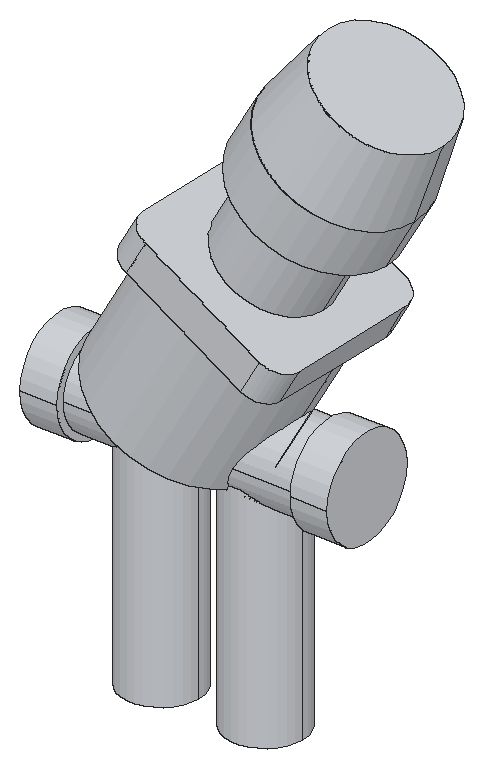
Revit family "OPTIMA_Compact_Plus_MM_DN10_5,0_RFA_2018", category Pipe Accessories, Revit 2018
Family settings
  Round Connector Dimension = Use Diameter
  Part Type = Valve - Breaks Into
  Work Plane-Based = No
  Always vertical = Yes
  Cut with Voids When Loaded = No
  Shared = No
Parameters (values of type "OPTIMA Compact Plus DN10 M-M 5.0mm")
  magiProductId = "05e83065d4b14c0ea9b5a56fcd5d4f"
  magiProductFamilyId = "3f7bf62c6d3e4202b9bf465282540d"
  magiPartTypeId = 304
  isMeasuringValve [instance] = no
  ang2D [instance] = 0.00°
  Z = 0 mm
  X = 7 mm
  W2D = 32 mm
  VersionID = "2.0/2018.8.28.1/FRESE_OPTIMA-COMPACT-MM_001"
  Use Minimum Symbol Size [instance] = yes
  URL = "www.hydronix.cz"
  Type Comments = "vnější závit; PN25; 0~120°C, s měřením"
  R9 = 8 mm
  R8 = 14 mm
  R7 = 17 mm
  R6 = 12 mm
  R5 = 5 mm
  R4 = 19 mm
  R3 = 19 mm
  R2 = 9 mm
  R1 = 10.5 mm
  QmdConnectorList = "301;D;302;D"
  Productdata [instance] = ""
  PLG0 = yes
  Manufacturer = "Hydronix"
  MC Product Code = "53-1329  (1/2\" M-M; 5.0mm; Qmin-dpmin 65l/h-14.6kPa; Qmax-dpmin 370l/h-17.2kPa; dpmax 800kPa)"
  MC Piping Given Pressure Drop [instance] = 0.0 Pa
  LL = 32.5 mm
  L3 = 11 mm
  L2D_Min = 3048 mm
  L2D = 104 mm
  L2 = 49.4 mm
  L1__ve = -L1  # -7.8 mm
  L1 = 7.8 mm
  H6__ve = -H6  # -52.5 mm
  H6 = 52.5 mm
  H5 = 17 mm
  H4 = 12 mm
  H3 = 18 mm
  H2 = 8 mm
  H1 = 30 mm
  Description = "Tlakově nezávislý 2-cestný regulační vyvažovací ventil (PICV)"
  D = 10 mm
  A = 30.00°
Types (8, lengths in mm): name | magiProductId | Z | X | R4 | R3 | R2 | R1 | MC Product Code | LL | L3 | L2 | L1__ve | L1 | H6__ve | H6 | H5 | H3 | H2 | H1 | D
  OPTIMA Compact Plus DN32 M-M 5.5mm | "ffa5e363716249e69711c5a01860df" | 1 | 13 | 29 | 31.5 | 22 | 24 | "53-1333  (6/4\" M-M; 5.5mm; Qmin-dpmin 550l/h-17.9kPa; Qmax-dpmin 4001l/h-28.0kPa; dpmax 800kPa)" | 52 | 12.5 | 79.04 | -12.48 | 12.48 | -66 | 66 | 20 | 16 | 10 | 46 | 32
  OPTIMA Compact Plus DN15 M-M 2.5mm | "744f5c1a8b784a0caf7e95e8856504" | 0 | 7 | 19 | 19 | 12 | 13 | "53-1324  (3/4\" M-M; 2.5mm; Qmin-dpmin 100l/h-14.9kPa; Qmax-dpmin 575l/h-18.5kPa; dpmax 800kPa)" | 32.5 | 11 | 49.4 | -7.8 | 7.8 | -55 | 55 | 20 | 18 | 8 | 26 | 15
  OPTIMA Compact Plus DN15 M-M 5.0mm | "cc68fe6008154c3392e26a3dfeb2d1" | 0 | 7 | 19 | 19 | 12 | 13 | "53-1325  (3/4\" M-M; 5.0mm; Qmin-dpmin 220l/h-16.0kPa; Qmax-dpmin 1330l/h-21.6kPa; dpmax 800kPa)" | 32.5 | 11 | 49.4 | -7.8 | 7.8 | -55 | 55 | 20 | 18 | 8 | 26 | 15
  OPTIMA Compact Plus DN20 M-M 5.0mm | "af4b706c92c34122b2cf0a056ee45d" | 0 | 10 | 19 | 19 | 13.5 | 16.5 | "53-1328  (1\" M-M; 5.0mm; Qmin-dpmin 220l/h-16.0kPa; Qmax-dpmin 1330l/h-21.6kPa; dpmax 800kPa)" | 35 | 11 | 53.2 | -8.4 | 8.4 | -58.5 | 58.5 | 20 | 18 | 8 | 26 | 20
  OPTIMA Compact Plus DN20 M-M 5.5mm | "3e0f5dc7d8ae4d97894bd6f679fd3a" | 0 | 10 | 19 | 19 | 13.5 | 16.5 | "53-1331  (1\" M-M; 5.5mm; Qmin-dpmin 300l/h-17.8kPa; Qmax-dpmin 1800l/h-40.0kPa; dpmax 800kPa)" | 35 | 11 | 53.2 | -8.4 | 8.4 | -58.5 | 58.5 | 20 | 18 | 8 | 26 | 20
  OPTIMA Compact Plus DN25 M-M 5.5mm | "30c02b6104a34c7a9c49bd2b7417bc" | 0 | 13 | 29 | 31.5 | 18.5 | 21 | "53-1332  (5/4\" M-M; 5.5mm; Qmin-dpmin 600l/h-17.3kPa; Qmax-dpmin 3609l/h-23.0kPa; dpmax 800kPa)" | 52 | 12.5 | 79.04 | -12.48 | 12.48 | -63 | 63 | 20 | 16 | 10 | 43 | 25
  OPTIMA Compact Plus DN10 M-M 2.5mm | "273b30465bdd4e038d4ed21de5046f" | 0 | 7 | 19 | 19 | 9 | 10.5 | "53-1320  (1/2\" M-M; 2.5mm; Qmin-dpmin 30l/h-14.3kPa; Qmax-dpmin 200l/h-15.8kPa; dpmax 800kPa)" | 32.5 | 11 | 49.4 | -7.8 | 7.8 | -52.5 | 52.5 | 17 | 18 | 8 | 30 | 10
  OPTIMA Compact Plus DN10 M-M 5.0mm | "05e83065d4b14c0ea9b5a56fcd5d4f" | 0 | 7 | 19 | 19 | 9 | 10.5 | "53-1329  (1/2\" M-M; 5.0mm; Qmin-dpmin 65l/h-14.6kPa; Qmax-dpmin 370l/h-17.2kPa; dpmax 800kPa)" | 32.5 | 11 | 49.4 | -7.8 | 7.8 | -52.5 | 52.5 | 17 | 18 | 8 | 30 | 10
Reference planes
  plane 1 "Center (Front/Back)": y = 0
  plane 2 "XYPLANE": z = 0
  plane 3 "Center (Left/Right)": x = 0
  plane 4 "267": x = 11
  plane 5 "266": x = -11
  plane 6 "252": through (-607.019, 0, 448.612) normal (0.5, 0, 0.866)
  plane 7 "250": through (-615.519, 0, 433.89) normal (0.5, 0, 0.866)
  plane 8 "248": through (-621.519, 0, 423.497) normal (0.5, 0, 0.866)
  plane 9 "245": through (-630.519, 0, 407.909) normal (0.5, 0, 0.866)
  plane 10 "241": through (352.483, 0, 662.519) normal (0.866, 0, -0.5)
  plane 11 "240": through (385.392, 0, 643.519) normal (0.866, 0, -0.5)
  plane 12 "239": y = -19
  plane 13 "238": y = 19
  plane 14 "237": through (-634.519, 0, 400.981) normal (0.5, 0, 0.866)
  plane 15 "235": through (-649.519, 0, 375) normal (0.5, 0, 0.866)
  plane 16 "231": y = 0
  plane 17 "230": through (368.938, 0, 653.019) normal (0.866, 0, -0.5)
  plane 18 "211": x = -24.7
  plane 19 "204": x = 32.5
  plane 20 "203": x = -32.5
  plane 21 "202": x = 0
  plane 22 "201": z = 0
  plane 23 "200": y = 0
  plane 24 "227XY": through (-649.519, 0, 375) normal (0.5, 0, 0.866)
  plane 25 "227XZ": y = 0
  plane 26 "227YZ": through (375, 0, 649.519) normal (0.866, 0, -0.5)
Forms (mm)
  Extrusion 1, solid, visible <- "PLG0"
    sketch origin (-750, 0, 0) x (1, 0, 0) y (0, 1, 0)
      loop
        circle (761, 0) r 8
    from 0 to -52.5 <- "H6__ve"
  Extrusion 2, solid, visible <- "PLG0"
    sketch origin (-750, 0, 0) x (1, 0, 0) y (0, 1, 0)
      loop
        circle (739, 0) r 8
    from 0 to -52.5 <- "H6__ve"
  Blend 3, solid
    base sketch origin (-615.519, 0, 433.89) x (0.866025, 0, -0.5) y (0, 1, 0)
      loop
        circle (743, 0) r 17
    top sketch origin (-615.519, 0, 433.89) x (0.866025, 0, -0.5) y (0, 1, 0)
      loop
        circle (743, 0) r 14
    from 0 to 17
  Extrusion 4, solid
    sketch origin (-621.519, 0, 423.497) x (0.866025, 0, -0.5) y (0, 1, 0)
      loop
        circle (743, 0) r 17
    from 0 to 12 <- "H4"
  Extrusion 5, solid
    sketch origin (-630.519, 0, 407.909) x (0.866025, 0, -0.5) y (0, 1, 0)
      loop
        circle (743, 0) r 12
    from 0 to 18 <- "H3"
  Extrusion 6, solid
    sketch origin (-634.519, 0, 400.981) x (0.866025, 0, -0.5) y (0, 1, 0)
      loop
        arc (729, 19) -> (725.464, 17.536) -> (724, 14) r 5
        line (724, 14) -> (724, -14)
        arc (724, -14) -> (725.464, -17.536) -> (729, -19) r 5
        line (729, -19) -> (757, -19)
        arc (757, -19) -> (760.536, -17.536) -> (762, -14) r 5
        line (762, -14) -> (762, 14)
        arc (762, 14) -> (760.536, 17.536) -> (757, 19) r 5
        line (757, 19) -> (729, 19)
    from 0 to 8 <- "H2"
  Extrusion 7, solid
    sketch origin (-649.519, 0, 375) x (0.866025, 0, -0.5) y (0, 1, 0)
      loop
        circle (743, 0) r 19
    from 0 to 30 <- "H1"
  Extrusion 8, solid
    sketch origin (-24.7, -750, 0) x (0, 1, 0) y (0, 0, 1)
      loop
        circle (750, 0) r 9
    from 0 to 49.4 <- "L2"
  Extrusion 9, solid
    sketch origin (32.5, -750, 0) x (0, 1, 0) y (0, 0, 1)
      loop
        circle (750, 0) r 10.5
    from 0 to -7.8 <- "L1__ve"
  Extrusion 10, solid
    sketch origin (-32.5, -750, 0) x (0, 1, 0) y (0, 0, 1)
      loop
        circle (750, 0) r 10.5
    from 0 to 7.8 <- "L1"
  Extrusion 11, solid, not visible
    sketch origin (32.5, -750, 0) x (0, 1, 0) y (0, 0, 1)
      loop
        circle (750, 0) r 10
    from 0 to -10
  Extrusion 12, solid, not visible
    sketch origin (-32.5, -750, 0) x (0, 1, 0) y (0, 0, 1)
      loop
        circle (750, 0) r 10
    from 0 to 10
Lines and regions (mm)
  reference lines, not visible
    curve 1: circle (2, 2, 0) r 1 normal (0, 0, 1)
Text (mm)
  text "© Progman Oy, all rights reserved" at (-472.209, -2482.653, 0), in view "Ref. Level"
Dimensions and locks
  plane 1 "Center (Front/Back)" to curve 1 = 2 mm
  "L3": plane 3 "Center (Left/Right)" to plane 4 "267"
  "L3": plane 3 "Center (Left/Right)" to plane 5 "266"
  "H5": plane 7 "250" to plane 6 "252"
  "H4": plane 8 "248" to plane 7 "250"
  "H3": plane 9 "245" to plane 8 "248"
  "H2": plane 14 "237" to plane 9 "245"
  "R4": plane 17 "230" to plane 10 "241"
  "R4": plane 17 "230" to plane 11 "240"
  "R4": plane 23 "200" to plane 12 "239"
  "R4": plane 23 "200" to plane 13 "238"
  "H1": plane 15 "235" to plane 14 "237"
  "Z": plane 24 "227XY" to plane 15 "235"
  locked: plane 23 "200" to plane 16 "231"
  "X": plane 26 "227YZ" to plane 17 "230"
  "L1": plane 20 "203" to plane 18 "211"
  "LL": plane 3 "Center (Left/Right)" to plane 19 "204"
  "LL": plane 3 "Center (Left/Right)" to plane 20 "203"
  locked: plane 3 "Center (Left/Right)" to plane 21 "202"
  locked: plane 2 "XYPLANE" to plane 22 "201"
  locked: plane 1 "Center (Front/Back)" to plane 23 "200"
  Extrusion 6 sketch curve to Extrusion 6 sketch curve = 0 mm  (x16)
  "R9": radius of Extrusion 1 sketch curve
  "R9": radius of Extrusion 2 sketch curve
  "R8": radius of Blend 3 sketch curve
  "R7": radius of Blend 3 sketch curve
  "R7": radius of Extrusion 4 sketch curve
  "R6": radius of Extrusion 5 sketch curve
  "R5": radius of Extrusion 6 sketch curve  (x4)
  "R3": radius of Extrusion 7 sketch curve
  "R2": radius of Extrusion 8 sketch curve
  "R1": radius of Extrusion 9 sketch curve
  "R1": radius of Extrusion 10 sketch curve
  aligned and locked: level to plane 2 "XYPLANE"
  aligned and locked: plane 4 "267" to Extrusion 1 sketch curve
  aligned and locked: plane 23 "200" to Extrusion 1 sketch curve
  aligned and locked: plane 5 "266" to Extrusion 2 sketch curve
  aligned and locked: plane 23 "200" to Extrusion 2 sketch curve
  aligned and locked: plane 16 "231" to Blend 3 sketch curve  (x2)
  aligned and locked: Blend 3 sketch curve to plane 17 "230"  (x2)
  aligned and locked: plane 6 "252" to Blend 3
  aligned and locked: plane 16 "231" to Extrusion 4 sketch curve
  aligned and locked: Extrusion 4 sketch curve to plane 17 "230"
  aligned and locked: plane 16 "231" to Extrusion 5 sketch curve
  aligned and locked: Extrusion 5 sketch curve to plane 17 "230"
  aligned and locked: Extrusion 6 sketch curve to plane 10 "241"
  aligned and locked: Extrusion 6 sketch curve to plane 12 "239"
  aligned and locked: Extrusion 6 sketch curve to plane 11 "240"
  aligned and locked: plane 13 "238" to Extrusion 6 sketch curve
  aligned and locked: plane 16 "231" to Extrusion 7 sketch curve
  aligned and locked: Extrusion 7 sketch curve to plane 17 "230"
  aligned and locked: plane 22 "201" to Extrusion 8 sketch curve
  aligned and locked: Extrusion 8 sketch curve to plane 23 "200"
  aligned and locked: plane 22 "201" to Extrusion 9 sketch curve
  aligned and locked: Extrusion 9 sketch curve to plane 23 "200"
  aligned and locked: plane 22 "201" to Extrusion 10 sketch curve
  aligned and locked: Extrusion 10 sketch curve to plane 23 "200"
  aligned and locked: plane 22 "201" to Extrusion 11 sketch curve
  aligned and locked: Extrusion 11 sketch curve to plane 23 "200"
  aligned and locked: plane 22 "201" to Extrusion 12 sketch curve
  aligned and locked: Extrusion 12 sketch curve to plane 23 "200"
Automatic sketch dimensions
  plane 1 "Center (Front/Back)" to Extrusion 11 sketch curve = 10 mm
  plane 1 "Center (Front/Back)" to Extrusion 12 sketch curve = 10 mm
  plane 3 "Center (Left/Right)" to curve 1 = 2 mm
  radius of curve 1 = 1 mm
Connectors
  piping at (-32.5, 0, 0), diameter 10, driven by "D"
    settings: on Extrusion 12, index 1, connector inside diameter 609.6 mm, connector length 0 mm, flow factor 0, pipe flow 0.0 L/s, pressure drop 0.0 Pa, fitting loss kfactor 0, connector angle 0.00°, fixture units 0, engagement length 0 mm, angle of deflection 0.00°, flow configuration 0, flow direction 0, fitting loss method 0, system type 29, joint type 0, gender type 0, connector reference index 2, connector utility 0, adjustable connector no, is connector primary yes, connector description ""
  piping at (32.5, 0, 0), diameter 10, driven by "D"
    settings: on Extrusion 11, index 2, connector inside diameter 609.6 mm, connector length 0 mm, flow factor 0, pipe flow 0.0 L/s, pressure drop 0.0 Pa, fitting loss kfactor 0, connector angle 0.00°, fixture units 0, engagement length 0 mm, angle of deflection 0.00°, flow configuration 0, flow direction 0, fitting loss method 0, system type 29, joint type 0, gender type 0, connector reference index 1, connector utility 0, adjustable connector no, is connector primary no, connector description ""
